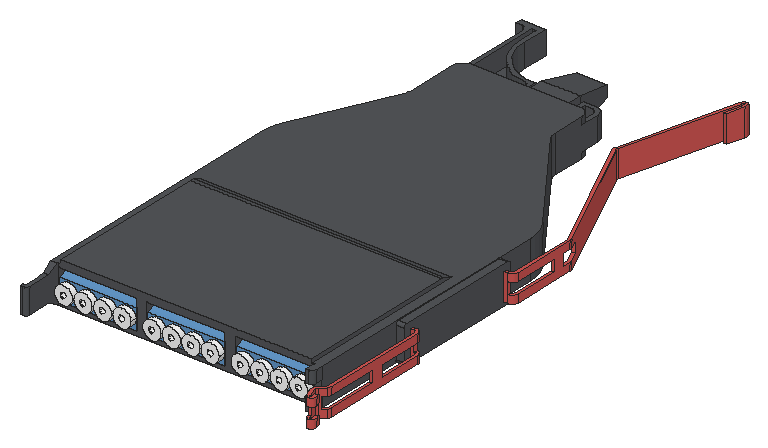
Revit family "Cassettes slim", category Installations électriques, Revit 2020
Family settings
  Conserver l'orientation des annotations = Non
  Cote de connecteur circulaire = Utiliser le diamètre
  Type d'élément = Normal
  Basée sur le plan de construction = Non
  Toujours verticalement = Oui
  Couper avec des vides une fois chargée = Non
  Partagée = Non
  Point de calcul de pièce = Non
Parameters (values of type "Cassette compacte 12 LC MTP OS2 panneau HD Ultra")
  Libellé BIM = "Cassette compacte 12 LC MTP OS2 panneau HD Ultra"
  Profondeur = 194 mm
  Hauteur = 13.6 mm
  Couleur = IDS_NOIR
  Type de connecteur interne = "MTP-M"
  Température de fonctionnement = "-10°C à 60°C"
  Lien e-catalogue = "https://www.legrand.fr/reference/032170/pro"
  Connecteurs LC = Connecteurs LC slim : 12 fibres OS2 monomode
  Elévation par défaut = 0 mm
  EAN = "3414971929159"
  Classe de fibre optique = "OS2"
  Classe ETIM = "EC002699"
  Croisé = yes
  Fonction = "Cassettes haute densité MTP"
  Nombre de connecteurs face arrière = 1
  Nombre de connecteurs face avant = 12
  Température de stockage = "-10°C à 60°C"
  Type de connecteur externe = "LC_DUPLEX"
  Largeur (mm) = 100 mm
  Référence Legrand = "032170"
Types (3, lengths in mm): name | Libellé BIM | Lien e-catalogue | Connecteurs LC | EAN | Classe de fibre optique | Référence Legrand
  Cassette compacte 12 LC MTP OM3 panneau HD Ultra | "Cassette compacte 12 LC MTP OM3 panneau HD Ultra" | "https://www.legrand.fr/reference/032168/pro" | Connecteurs LC slim : 12 fibres OM3 multimode | "3414971929333" | "OM3" | "032168"
  Cassette compacte 12 LC MTP OM4 panneau HD Ultra | "Cassette compacte 12 LC MTP OM4 panneau HD Ultra" | "https://www.legrand.fr/reference/032169/pro" | Connecteurs LC slim : 12 fibres OM4 multimode | "3414971929135" | "OM4" | "032169"
  Cassette compacte 12 LC MTP OS2 panneau HD Ultra | "Cassette compacte 12 LC MTP OS2 panneau HD Ultra" | "https://www.legrand.fr/reference/032170/pro" | Connecteurs LC slim : 12 fibres OS2 monomode | "3414971929159" | "OS2" | "032170"
Reference planes
  plane 1 "Centre (avant/arrière)": y = 0
  plane 2: z = 0
  plane 3 "Centre (gauche/droite)": x = 0
  plane 4: x = 90.5
  plane 5: y = 150
  plane 6: z = 12.4
  plane 7: z = 13.7
  plane 8: z = 2
  plane 9: z = 10.4
  plane 10: z = 6.2
  plane 11: y = 44
  plane 12: y = 64
  plane 13: y = 30.75
  plane 14: y = 74.75
  plane 15: y = 180
  plane 16: z = 2
  plane 17: z = 10
  plane 18: y = 156.8
  plane 19: x = 2.7
  plane 20: z = 1.4
Forms (mm)
  Extrusion 1, solid, material "IDS_NOIR"
    sketch origin (0, 0, 0) x (1, 0, 0) y (0, 1, 0)
      loop
        line (2.2, 0) -> (88.15, 0) -> (88.15, -3.5) -> (89, -3.5)
        arc (89, -3.5) -> (90.061, -3.061) -> (90.5, -2) r 1.5
        line (90.5, -2) -> (90.5, 0) -> (90.5, 87.126)
        arc (90.5, 87.126) -> (89.766, 91.761) -> (87.635, 95.943) r 15
        line (87.635, 95.943) -> (61.252, 132.256)
        arc (61.252, 132.256) -> (60.639, 133.519) -> (60.5, 134.916) r 4
        line (60.5, 134.916) -> (60.5, 146)
        arc (60.5, 146) -> (59.328, 148.828) -> (56.5, 150) r 4
        line (56.5, 150) -> (21, 150)
        arc (21, 150) -> (18.172, 148.828) -> (17, 146) r 4
        line (17, 146) -> (17, 129.343)
        arc (17, 129.343) -> (16.905, 128.478) -> (16.625, 127.653) r 4
        line (16.625, 127.653) -> (1.405, 95.014)
        arc (1.405, 95.014) -> (0.356, 91.921) -> (0, 88.675) r 15
        line (0, 88.675) -> (0, 0) -> (0.95, -7.737) -> (0.95, -11.45) -> (0, -11.45) -> (0, -12.7) -> (0.95, -12.7)
        arc (0.95, -12.7) -> (1.834, -12.334) -> (2.2, -11.45) r 1.25
        line (2.2, -11.45) -> (2.2, 0)
    from 0 to 12.4
  Extrusion 2, solid, material "IDS_NOIR"
    sketch origin (0, 0, 0) x (0, 1, 0) y (0, 0, 1)
      loop
        line (0, 12.4) -> (58.5, 12.4) -> (55.591, 13.459)
        arc (55.591, 13.459) -> (54.918, 13.639) -> (54.223, 13.7) r 4
        line (54.223, 13.7) -> (0, 13.7) -> (0, 12.4)
    from 3.25 to 87.25
  Extrusion 3, void
    sketch origin (0, 0, 0) x (0, 1, 0) y (0, 0, 1)
      loop
        line (0, 0) -> (-3.464, 2) -> (-12.7, 2) -> (-12.7, 0) -> (0, 0)
      loop
        line (0, 12.4) -> (-12.7, 12.4) -> (-12.7, 10.4) -> (-3.464, 10.4) -> (0, 12.4)
    from 0 to 2.2
  Extrusion 4, void
    sketch origin (90.5, -66.44, 1200) x (0, 1, 0) y (0, 0, 1)
      loop
        line (62.94, -1191.6) -> (62.94, -1196) -> (66.44, -1196) -> (66.44, -1191.6) -> (62.94, -1191.6)
    from 0 to -2.35
  Extrusion 5, solid, material "IDS_NOIR"
    sketch origin (0, 44, -3.722) x (0, 0, -1) y (-1, 0, 0)
      loop
        line (-7.122, 0) -> (-7.122, 1.2) -> (-5.522, 1.2) -> (-5.522, 2.5) -> (-8.422, 2.5) -> (-8.422, 0) -> (-7.122, 0)
    from 0 to 20
  Extrusion 6, solid, material "IDS_NOIR"
    sketch origin (90.5, 0, 0) x (0, 1, 0) y (0, 0, 1)
      loop
        line (31.75, 0) -> (73.75, 0)
        arc (73.75, 0) -> (74.457, 0.293) -> (74.75, 1) r 1
        line (74.75, 1) -> (74.75, 11.4)
        arc (74.75, 11.4) -> (74.457, 12.107) -> (73.75, 12.4) r 1
        line (73.75, 12.4) -> (31.75, 12.4)
        arc (31.75, 12.4) -> (31.043, 12.107) -> (30.75, 11.4) r 1
        line (30.75, 11.4) -> (30.75, 1)
        arc (30.75, 1) -> (31.043, 0.293) -> (31.75, 0) r 1
    from 0 to 3
  Extrusion 7, solid, material "IDS_NOIR"
    sketch origin (0, 184.172, 2) x (0, 1, 0) y (-1, 0, 0)
      loop
        line (-4.172, -13.3) -> (-6.45, -13.3) -> (-6.45, -15)
        arc (-6.45, -15) -> (-7.036, -16.414) -> (-8.45, -17) r 2
        line (-8.45, -17) -> (-40.667, -17) -> (-40.667, -18.4) -> (-6.45, -18.4) -> (-6.45, -19.9) -> (-13.172, -19.9)
        arc (-13.172, -19.9) -> (-24.559, -24.498) -> (-29.562, -35.714) r 16.4
        line (-29.562, -35.714) -> (-40.667, -35.714) -> (-40.667, -37.114) -> (-28.172, -37.114) -> (-28.172, -36.3)
        arc (-28.172, -36.3) -> (-23.779, -25.693) -> (-13.172, -21.3) r 15
        line (-13.172, -21.3) -> (-4.172, -21.3) -> (-4.172, -13.3)
      loop
        arc (-31.422, -60.5) -> (-29.124, -59.548) -> (-28.172, -57.25) r 3.25
        line (-28.172, -57.25) -> (-28.172, -53.214) -> (-40.667, -53.214) -> (-40.667, -54.614) -> (-29.572, -54.614) -> (-29.572, -57.25)
        arc (-29.572, -57.25) -> (-30.114, -58.558) -> (-31.422, -59.1) r 1.85
        line (-31.422, -59.1) -> (-40.667, -59.1) -> (-40.667, -60.5) -> (-31.422, -60.5)
    from 0 to 8
  Extrusion 8, solid, material "IDS_NOIR"
    sketch origin (0, 184.172, 2) x (0, 1, 0) y (-1, 0, 0)
      loop
        arc (-35.132, -18.4) -> (-34.42, -19.614) -> (-34.172, -21) r 4
        line (-34.172, -21) -> (-34.172, -35.714) -> (-29.562, -35.714)
        arc (-29.562, -35.714) -> (-24.559, -24.498) -> (-13.172, -19.9) r 16.4
        line (-13.172, -19.9) -> (-6.45, -19.9) -> (-6.45, -18.4) -> (-35.132, -18.4)
      loop
        line (-35.132, -59.1) -> (-31.422, -59.1)
        arc (-31.422, -59.1) -> (-30.114, -58.558) -> (-29.572, -57.25) r 1.85
        line (-29.572, -57.25) -> (-29.572, -54.614) -> (-34.172, -54.614) -> (-34.172, -56.5)
        arc (-34.172, -56.5) -> (-34.42, -57.886) -> (-35.132, -59.1) r 4
    from 0 to 1.5
  Extrusion 9, solid, material "IDS_NOIR"
    sketch origin (0, 0, 0) x (1, 0, 0) y (0, 1, 0)
      loop
        line (38.614, 150) -> (51.614, 150) -> (51.614, 156.8) -> (38.614, 156.8) -> (38.614, 150)
    from 1.5 to 11
  Blend 10, solid, material "IDS_NOIR"
    base sketch origin (49.862, 156.8, 0) x (-1, 0, 0) y (0, 0, 1)
      loop
        line (-1.752, 11) -> (-1.752, 1.5) -> (11.248, 1.5) -> (11.248, 11) -> (-1.752, 11)
    top sketch origin (49.862, 156.8, 0) x (-1, 0, 0) y (0, 0, 1)
      loop
        line (-0.252, 8.25) -> (-0.252, 4.25) -> (9.748, 4.25) -> (9.748, 8.25) -> (-0.252, 8.25)
    from 0 to 12.5
  Extrusion 11, solid, material "IDS_ROUGE"
    sketch origin (0, 0, 0) x (1, 0, 0) y (0, 1, 0)
      loop
        line (93.5, 34) -> (93.5, 33) -> (94.9, 33)
        arc (94.9, 33) -> (95.607, 32.707) -> (95.9, 32) r 1
        line (95.9, 32) -> (95.9, -4.136) -> (93.975, -6.431)
        arc (93.975, -6.431) -> (93.543, -7.338) -> (93.607, -8.342) r 2
        line (93.607, -8.342) -> (94.593, -11.335)
        spline (94.593, -11.335) -> (94.733, -11.646) -> (94.94, -11.925) -> (95.217, -12.16) -> (95.565, -12.326) -> (95.97, -12.391) -> (96.393, -12.325) -> (96.772, -12.127) -> (97.059, -11.834) -> (97.241, -11.493) -> (97.324, -11.14) -> (97.325, -10.792) -> (97.252, -10.46)
        line (97.252, -10.46) -> (96.877, -9.321) -> (95.928, -9.634) -> (96.303, -10.772)
        spline (96.303, -10.772) -> (96.33, -10.9) -> (96.33, -11.028) -> (96.303, -11.147) -> (96.249, -11.248) -> (96.173, -11.326) -> (96.08, -11.375) -> (95.976, -11.391) -> (95.869, -11.373) -> (95.765, -11.324) -> (95.672, -11.245) -> (95.596, -11.142) -> (95.543, -11.023)
        line (95.543, -11.023) -> (94.557, -8.029)
        arc (94.557, -8.029) -> (94.525, -7.527) -> (94.741, -7.073) r 1
        line (94.741, -7.073) -> (96.432, -5.058)
        arc (96.432, -5.058) -> (96.779, -4.456) -> (96.9, -3.772) r 2
        line (96.9, -3.772) -> (96.9, 32)
        arc (96.9, 32) -> (96.314, 33.414) -> (94.9, 34) r 2
        line (94.9, 34) -> (93.5, 34)
      loop
        line (93.5, 72) -> (95, 72)
        arc (95, 72) -> (96.414, 72.586) -> (97, 74) r 2
        line (97, 74) -> (97, 95.556)
        arc (97, 95.556) -> (96.953, 95.989) -> (96.812, 96.402) r 2
        line (96.812, 96.402) -> (76.231, 140.504)
        arc (76.231, 140.504) -> (76.096, 141.008) -> (76.142, 141.528) r 1.5
        line (76.142, 141.528) -> (86.5, 180)
        spline (86.5, 180) -> (86.567, 180.196) -> (86.656, 180.372) -> (86.76, 180.516) -> (86.873, 180.617) -> (86.987, 180.669) -> (87.094, 180.669) -> (87.187, 180.615) -> (87.259, 180.513) -> (87.306, 180.369) -> (87.325, 180.192) -> (87.313, 179.996) -> (87.272, 179.792)
        line (87.272, 179.792) -> (85.713, 173.998) -> (86.678, 173.738) -> (88.238, 179.532)
        spline (88.238, 179.532) -> (88.305, 179.866) -> (88.325, 180.21) -> (88.286, 180.568) -> (88.16, 180.949) -> (87.872, 181.344) -> (87.354, 181.634) -> (86.761, 181.643) -> (86.313, 181.446) -> (86.013, 181.18) -> (85.8, 180.89) -> (85.644, 180.582) -> (85.534, 180.26)
        line (85.534, 180.26) -> (75.177, 141.788)
        arc (75.177, 141.788) -> (75.1, 140.922) -> (75.325, 140.081) r 2.5
        line (75.325, 140.081) -> (96, 95.778) -> (96, 74)
        arc (96, 74) -> (95.707, 73.293) -> (95, 73) r 1
        line (95, 73) -> (93.5, 73) -> (93.5, 72)
    from 1.4 to 10.4
  Extrusion 12, void
    sketch origin (0, 0, 0) x (1, 0, 0) y (0, 1, 0)
      loop
        line (96.877, -9.321) -> (94.218, -10.197) -> (94.593, -11.335)
        spline (94.593, -11.335) -> (94.733, -11.646) -> (94.94, -11.925) -> (95.217, -12.16) -> (95.565, -12.326) -> (95.97, -12.391) -> (96.393, -12.325) -> (96.772, -12.127) -> (97.059, -11.834) -> (97.241, -11.493) -> (97.324, -11.14) -> (97.325, -10.792) -> (97.252, -10.46)
        line (97.252, -10.46) -> (96.877, -9.321)
      loop
        arc (94.9, 33) -> (95.607, 32.707) -> (95.9, 32) r 1
        line (95.9, 32) -> (95.9, 17) -> (96.9, 17) -> (96.9, 32)
        arc (96.9, 32) -> (96.314, 33.414) -> (94.9, 34) r 2
        line (94.9, 34) -> (94.9, 33)
      loop
        line (95.386, -6.304) -> (96.432, -5.058)
        arc (96.432, -5.058) -> (96.779, -4.456) -> (96.9, -3.772) r 2
        line (96.9, -3.772) -> (96.9, 13.3) -> (95.9, 13.3) -> (95.9, -4.136) -> (94.676, -5.595) -> (95.386, -6.304)
      loop
        line (95, 73) -> (95, 72)
        arc (95, 72) -> (96.414, 72.586) -> (97, 74) r 2
        line (97, 74) -> (97, 89) -> (96, 89) -> (96, 74)
        arc (96, 74) -> (95.707, 73.293) -> (95, 73) r 1
      loop
        line (96, 92.7) -> (97, 92.7) -> (97, 95.556)
        arc (97, 95.556) -> (96.953, 95.989) -> (96.812, 96.402) r 2
        line (96.812, 96.402) -> (94.807, 100.7) -> (93.9, 100.277) -> (96, 95.778) -> (96, 92.7)
    from 3.9 to 7.9
  Extrusion 13, void
    sketch origin (0, 0, 0) x (1, 0, 0) y (0, 0, 1)
      loop
        line (2.7, 1.4) -> (28.7, 1.4) -> (28.7, 11.4) -> (2.7, 11.4) -> (2.7, 1.4)
      loop
        line (32.2, 1.4) -> (58.2, 1.4) -> (58.2, 11.4) -> (32.2, 11.4) -> (32.2, 1.4)
      loop
        line (61.7, 1.4) -> (87.7, 1.4) -> (87.7, 11.4) -> (61.7, 11.4) -> (61.7, 1.4)
    from 0 to -23
Cuts and joins
  Extrusion 3, Extrusion 4, Extrusion 13 cuts Extrusion 1
  Extrusion 3, Extrusion 4, Extrusion 13 cuts Extrusion 2
  Extrusion 13 cuts Extrusion 5
  Extrusion 13 cuts Extrusion 7
  Extrusion 13 cuts Extrusion 8
  joined: Extrusion 1, Extrusion 2, Extrusion 5, Extrusion 7, Extrusion 8
  joined: Extrusion 9, Blend 10
  Extrusion 12 cuts Extrusion 11
Dimensions and locks
  plane 3 "Centre (gauche/droite)" to Extrusion 1 sketch curve to Extrusion 1 sketch curve = 17 mm locked, 43.5 mm locked
  locked: plane 6 to level at 12.4
  locked: Extrusion 2 sketch curve to plane 1 "Centre (avant/arrière)" at 58.5
  locked: plane 4 to Extrusion 2 at 3.25
  locked: Extrusion 2 to plane 3 "Centre (gauche/droite)" at 3.25
  Extrusion 1 sketch curve to Extrusion 1 sketch curve = 12.7 mm
  plane 8 to level = 2 mm
  cut or joined group 1 (Extrusion 1, Extrusion 2, Extrusion 3, Extrusion 4, Extrusion 5, Extrusion 7, Extrusion 8, Extrusion 13) to plane 9 = 2 mm
  equal spacing: plane 8, plane 10, plane 9
  cut or joined group 1 to Extrusion 4 sketch curve = 4 mm
  Extrusion 4 sketch curve to cut or joined group 1 = 4 mm
  Extrusion 5 sketch curve to level = 1.8 mm
  Extrusion 5 sketch curve to Extrusion 5 sketch curve = 2.9 mm
  plane 3 "Centre (gauche/droite)" to Extrusion 5 sketch curve = 2.5 mm
  Extrusion 5 sketch curve to Extrusion 5 sketch curve = 1.3 mm  (x2)
  plane 12 to plane 11 to plane 1 "Centre (avant/arrière)" = 20 mm locked, 44 mm locked
  plane 1 "Centre (avant/arrière)" to plane 13 to plane 14 = 30.75 mm locked, 44 mm locked
  plane 3 "Centre (gauche/droite)" to Extrusion 7 sketch curve = 13.3 mm
  Extrusion 7 sketch curve to plane 5 = 6 mm
  Extrusion 7 sketch curve to Extrusion 7 sketch curve = 8 mm
  plane 17 to plane 16 to level = 8 mm locked, 2 mm locked
  Extrusion 9 sketch curve to Extrusion 9 sketch curve = 13 mm
  Extrusion 9 sketch curve to plane 5 = 6.8 mm
  plane 18 to plane 5 = 6.8 mm
  Blend 10 sketch curve to Blend 10 sketch curve = 10 mm
  Blend 10 sketch curve to Blend 10 sketch curve = 4 mm
  plane 1 "Centre (avant/arrière)" to Extrusion 11 sketch curve = 72 mm
  plane 4 to Extrusion 11 sketch curve = 6.5 mm
  Extrusion 11 to Extrusion 12 sketch curve = 17 mm
  Extrusion 12 sketch curve to Extrusion 12 sketch curve = 3.7 mm  (x2)
  cut or joined group of Extrusion 11, Extrusion 12 to cut or joined group of Extrusion 11, Extrusion 12 = 2.5 mm
  cut or joined group of Extrusion 11, Extrusion 12 to Extrusion 12 sketch curve = 17 mm
  Extrusion 12 sketch curve to Extrusion 12 sketch curve = 8 mm
  Extrusion 13 sketch curve to level = 1.4 mm
  Extrusion 13 sketch curve to Extrusion 13 sketch curve = 10 mm
  Extrusion 13 sketch curve to cut or joined group 1 = 26.5 mm
  Extrusion 13 sketch curve to Extrusion 13 sketch curve = 3.5 mm
  Extrusion 13 sketch curve to Extrusion 13 sketch curve = 26 mm
  Extrusion 13 sketch curve to Extrusion 13 sketch curve to Extrusion 13 sketch curve = 3.5 mm, 26 mm
  angle Extrusion 1 sketch curve to Extrusion 1 sketch curve = 155.00°
  angle Extrusion 1 sketch curve to Extrusion 1 sketch curve = 144.00°
  locked: Extrusion 1 to Extrusion 2 sketch curve (angle 20.00°)
  angle plane 3 "Centre (gauche/droite)" to Extrusion 1 sketch curve = 7.00°
  angle cut or joined group 1 to Extrusion 3 sketch curve = 30.00°
  angle Extrusion 3 sketch curve to cut or joined group 1 = 30.00°
  angle Extrusion 11 sketch curve to Extrusion 11 sketch curve = 40.00°
  aligned and locked: level to plane 2
  aligned and locked: plane 1 "Centre (avant/arrière)" to Extrusion 1 sketch curve
  aligned and locked: Extrusion 1 sketch curve to plane 4
  aligned and locked: plane 3 "Centre (gauche/droite)" to Extrusion 1 sketch curve  (x2)
  aligned and locked: Extrusion 1 sketch curve to plane 5
  aligned and locked: plane 6 to Extrusion 1
  aligned and locked: Extrusion 1 to Extrusion 2 sketch curve
  aligned and locked: Extrusion 2 sketch curve to plane 7
  aligned and locked: Extrusion 2 sketch curve to plane 6
  aligned and locked: cut or joined group 1 to Extrusion 3 sketch curve  (x2)
  aligned and locked: Extrusion 3 sketch curve to cut or joined group 1
  aligned and locked: Extrusion 3 to Extrusion 1
  aligned and locked: plane 1 "Centre (avant/arrière)" to Extrusion 4 sketch curve
  aligned and locked: Extrusion 4 sketch curve to cut or joined group 1
  aligned and locked: Extrusion 1 to Extrusion 4
  aligned and locked: Extrusion 5 sketch curve to plane 3 "Centre (gauche/droite)"
  aligned and locked: plane 12 to Extrusion 5
  aligned and locked: Extrusion 6 sketch curve to level
  aligned and locked: Extrusion 6 sketch curve to plane 13
  aligned and locked: Extrusion 6 sketch curve to plane 6
  aligned and locked: Extrusion 6 sketch curve to plane 14
  aligned and locked: Extrusion 7 sketch curve to plane 15
  aligned and locked: Extrusion 7 sketch curve to cut or joined group 1
  aligned and locked: Extrusion 7 sketch curve to Extrusion 7 sketch curve  (x6)
  aligned and locked: Extrusion 7 to plane 17
  aligned and locked: Extrusion 8 sketch curve to cut or joined group 1  (x10)
  aligned and locked: cut or joined group 1 to Extrusion 8 sketch curve
  aligned and locked: Extrusion 9 sketch curve to plane 5
  aligned and locked: Blend 10 sketch curve to Extrusion 9  (x4)
  aligned and locked: Blend 10 to Extrusion 9
  aligned and locked: Extrusion 6 to Extrusion 11 sketch curve  (x2)
  aligned and locked: Extrusion 11 sketch curve to Extrusion 6
  aligned and locked: Extrusion 12 sketch curve to Extrusion 11  (x7)
  aligned and locked: Extrusion 11 to Extrusion 12 sketch curve  (x3)
  aligned and locked: Extrusion 12 sketch curve to cut or joined group of Extrusion 11, Extrusion 12  (x2)
  aligned and locked: Extrusion 13 sketch curve to Extrusion 13 sketch curve  (x4)
  aligned and locked: plane 19 to cut or joined group 1
  aligned and locked: plane 20 to cut or joined group 1
  aligned and locked: plane 19 to nested 1
  aligned and locked: plane 1 "Centre (avant/arrière)" to nested 1
Automatic sketch dimensions
  Extrusion 2 sketch curve to Extrusion 2 sketch curve = 1.368 mm
  plane 1 "Centre (avant/arrière)" to Extrusion 1 sketch curve = 0 mm  (x2)
  plane 3 "Centre (gauche/droite)" to Extrusion 1 sketch curve = 0.95 mm  (x2)
  plane 3 "Centre (gauche/droite)" to Extrusion 1 sketch curve = 1.405 mm
  plane 3 "Centre (gauche/droite)" to Extrusion 1 sketch curve = 2.2 mm
  Extrusion 1 sketch curve to Extrusion 1 sketch curve = 4 mm  (x3)
  Extrusion 1 sketch curve to plane 5 = 17.744 mm
  Extrusion 1 sketch curve to Extrusion 1 sketch curve = 0.752 mm
  Extrusion 1 sketch curve to Extrusion 1 sketch curve = 3.236 mm
  Extrusion 1 sketch curve to Extrusion 1 sketch curve = 15 mm
  plane 4 to Extrusion 1 sketch curve = 2.35 mm
  Extrusion 1 sketch curve to Extrusion 1 sketch curve = 1.5 mm
  Extrusion 1 sketch curve to Extrusion 1 sketch curve = 0 mm
  Extrusion 1 sketch curve to Extrusion 1 sketch curve = 3.5 mm
  Extrusion 1 sketch curve to Extrusion 1 sketch curve = 57.325 mm
  Extrusion 3 sketch curve to plane 6 = 0 mm
  Extrusion 3 sketch curve to plane 9 = 0 mm
  Extrusion 3 sketch curve to plane 8 = 0 mm
  Extrusion 3 sketch curve to plane 1 "Centre (avant/arrière)" = 0 mm  (x2)
  Extrusion 3 sketch curve to Extrusion 3 sketch curve = 0 mm
  Extrusion 6 sketch curve to Extrusion 6 sketch curve = 1 mm  (x2)
  Extrusion 1 to Extrusion 6 sketch curve = 1 mm  (x2)
  Extrusion 7 sketch curve to Extrusion 7 sketch curve = 0 mm  (x4)
  Extrusion 7 sketch curve to Extrusion 7 sketch curve = 1.39 mm
  Extrusion 7 sketch curve to Extrusion 7 sketch curve = 1.4 mm  (x4)
  Extrusion 7 sketch curve to Extrusion 7 sketch curve = 1.85 mm
  Extrusion 7 sketch curve to plane 5 = 6.495 mm
  Extrusion 7 sketch curve to plane 15 = 9 mm
  Extrusion 7 sketch curve to plane 15 = 4.278 mm
  Extrusion 7 sketch curve to plane 15 = 2.278 mm
  Extrusion 7 sketch curve to Extrusion 7 sketch curve = 0.814 mm
  Extrusion 7 sketch curve to Extrusion 7 sketch curve = 16.1 mm
  Extrusion 7 sketch curve to Extrusion 7 sketch curve = 2.636 mm
  plane 3 "Centre (gauche/droite)" to Extrusion 9 sketch curve = 38.614 mm
  Extrusion 11 sketch curve to Extrusion 11 sketch curve = 0 mm  (x8)
  plane 15 to Extrusion 11 sketch curve = 0 mm
  Extrusion 11 sketch curve to plane 15 = 0.468 mm
  plane 4 to Extrusion 11 sketch curve = 2.262 mm
  Extrusion 11 sketch curve to plane 15 = 0.208 mm
  Extrusion 11 sketch curve to Extrusion 11 sketch curve = 0.966 mm
  plane 4 to Extrusion 11 sketch curve = 3.822 mm
  plane 15 to Extrusion 11 sketch curve = 0.26 mm
  plane 4 to Extrusion 11 sketch curve = 12.909 mm
  Extrusion 11 sketch curve to plane 5 = 9.496 mm
  Extrusion 11 sketch curve to Extrusion 11 sketch curve = 1.359 mm
  Extrusion 11 sketch curve to plane 5 = 9.919 mm
  Extrusion 11 sketch curve to plane 5 = 8.212 mm
  Extrusion 11 sketch curve to plane 4 = 3.107 mm
  Extrusion 11 sketch curve to Extrusion 11 sketch curve = 0.368 mm
  Extrusion 11 sketch curve to Extrusion 11 sketch curve = 0.95 mm  (x4)
  Extrusion 11 sketch curve to Extrusion 11 sketch curve = 0.986 mm
  Extrusion 11 sketch curve to Extrusion 11 sketch curve = 0.184 mm
  Extrusion 11 sketch curve to Extrusion 11 sketch curve = 1.4 mm
  Extrusion 11 sketch curve to Extrusion 11 sketch curve = 0.925 mm
  Extrusion 11 sketch curve to Extrusion 11 sketch curve = 1.5 mm
  Extrusion 11 sketch curve to Extrusion 11 sketch curve = 2 mm
  Extrusion 11 sketch curve to Extrusion 11 sketch curve = 1 mm  (x2)
  Extrusion 11 sketch curve to Extrusion 11 sketch curve = 0.385 mm
  Extrusion 11 sketch curve to Extrusion 11 sketch curve = 0.76 mm
  Extrusion 11 sketch curve to Extrusion 11 sketch curve = 0.532 mm
  plane 13 to Extrusion 11 sketch curve = 3.25 mm
  plane 1 "Centre (avant/arrière)" to Extrusion 11 sketch curve = 3.772 mm
  Extrusion 11 sketch curve to Extrusion 11 sketch curve = 0.922 mm
  Extrusion 11 sketch curve to Extrusion 11 sketch curve = 0.222 mm
  Extrusion 12 sketch curve to Extrusion 12 sketch curve = 0.375 mm
  Extrusion 12 sketch curve to Extrusion 12 sketch curve = 0.224 mm
  Extrusion 12 sketch curve to Extrusion 12 sketch curve = 1 mm  (x2)
  Extrusion 12 sketch curve to Extrusion 12 sketch curve = 0.71 mm
  plane 1 "Centre (avant/arrière)" to Extrusion 12 sketch curve = 5.058 mm
  Extrusion 12 sketch curve to Extrusion 12 sketch curve = 0.188 mm
  Extrusion 12 sketch curve to Extrusion 12 sketch curve = 2.856 mm
  Extrusion 12 sketch curve to Extrusion 12 sketch curve = 0.222 mm
  Extrusion 12 sketch curve to Extrusion 12 sketch curve = 0.906 mm
  Extrusion 12 sketch curve to plane 4 = 3.4 mm
  Extrusion 12 sketch curve to plane 4 = 4.5 mm
  plane 3 "Centre (gauche/droite)" to Extrusion 13 sketch curve = 2.7 mm
Nested families
  nested 1: "Connecteurs LC slim" at (2.7, 0, 1.4), type <- "Connecteurs LC", type "12 fibres OS2 monomode"
Definition of nested family "Connecteurs LC slim"
  Parameters (values of type "12 fibres OS2 monomode")
    IDS_COULEUR = none
    Default Elevation = 0 mm
  Types (3): name
    12 fibres OM4 multimode
    12 fibres OS2 monomode
    12 fibres OM3 multimode
  Reference planes
    plane 1 "Centre (avant/arrière)": y = 0
    plane 2: z = 0
    plane 3 "Centre (gauche/droite)": x = 0
    plane 4: z = 10
    plane 5: x = 85
    plane 6: y = 23
    plane 7: x = 26
    plane 8: x = 29.5
    plane 9: x = 55.5
    plane 10: x = 59
    plane 11: z = 9.5
    plane 12: x = 13
    plane 13: x = 6.5
    plane 14: x = 3.25
    plane 15: x = 9.75
    plane 16: x = 22.75
    plane 17: x = 16.25
    plane 18: y = 3
    plane 19: z = 3.5
    plane 20: x = 42.5
    plane 21: x = 36
    plane 22: x = 32.75
    plane 23: x = 39.25
    plane 24: x = 52.25
    plane 25: x = 45.75
    plane 26: z = 3.5
    plane 27: x = 72
    plane 28: x = 65.5
    plane 29: x = 62.25
    plane 30: x = 68.75
    plane 31: x = 81.75
    plane 32: x = 75.25
    plane 33: z = 3.5
  Forms (mm)
    Extrusion 1, solid, material <- "IDS_COULEUR"
      sketch origin (0, 0, 0) x (0, 1, 0) y (0, 0, 1)
        loop
          line (0, 0) -> (23, 0) -> (23, 10) -> (3, 10)
          arc (3, 10) -> (2.121, 7.879) -> (0, 7) r 3
          line (0, 7) -> (0, 0)
      from 0 to 26
    Extrusion 2, solid
      sketch origin (0, 0, 0) x (1, 0, 0) y (0, 0, 1)
        loop
          circle (3.25, 3.5) r 3
        loop
          circle (9.75, 3.5) r 3
        loop
          circle (16.25, 3.5) r 3
        loop
          circle (22.75, 3.5) r 3
        loop
          circle (3.25, 3.5) r 1
        loop
          circle (9.75, 3.5) r 1
        loop
          circle (16.25, 3.5) r 1
        loop
          circle (22.75, 3.5) r 1
      from 0 to 2
    Extrusion 3, solid, material <- "IDS_COULEUR"
      sketch origin (29.5, 0, 0) x (0, 1, 0) y (0, 0, 1)
        loop
          line (0, 0) -> (23, 0) -> (23, 10) -> (3, 10)
          arc (3, 10) -> (2.121, 7.879) -> (0, 7) r 3
          line (0, 7) -> (0, 0)
      from 0 to 26
    Extrusion 4, solid, material <- "IDS_COULEUR"
      sketch origin (59, 0, 0) x (0, 1, 0) y (0, 0, 1)
        loop
          line (0, 0) -> (23, 0) -> (23, 10) -> (3, 10)
          arc (3, 10) -> (2.121, 7.879) -> (0, 7) r 3
          line (0, 7) -> (0, 0)
      from 0 to 26
    Extrusion 5, solid
      sketch origin (29.5, 0, 0) x (1, 0, 0) y (0, 0, 1)
        loop
          circle (3.25, 3.5) r 3
        loop
          circle (9.75, 3.5) r 3
        loop
          circle (16.25, 3.5) r 3
        loop
          circle (22.75, 3.5) r 3
        loop
          circle (3.25, 3.5) r 1
        loop
          circle (9.75, 3.5) r 1
        loop
          circle (16.25, 3.5) r 1
        loop
          circle (22.75, 3.5) r 1
      from 0 to 2
    Extrusion 6, solid
      sketch origin (59, 0, 0) x (1, 0, 0) y (0, 0, 1)
        loop
          circle (3.25, 3.5) r 3
        loop
          circle (9.75, 3.5) r 3
        loop
          circle (16.25, 3.5) r 3
        loop
          circle (22.75, 3.5) r 3
        loop
          circle (3.25, 3.5) r 1
        loop
          circle (9.75, 3.5) r 1
        loop
          circle (16.25, 3.5) r 1
        loop
          circle (22.75, 3.5) r 1
      from 0 to 2
  Dimensions and locks
    locked: plane 5 to plane 3 "Centre (gauche/droite)" at 85
    plane 4 to plane 2 = 10 mm
    plane 6 to plane 1 "Centre (avant/arrière)" = 23 mm
    locked: plane 8 to plane 7 at 3.5
    locked: plane 7 to plane 3 "Centre (gauche/droite)" at 26
    locked: plane 8 to plane 9 at 26
    locked: plane 10 to plane 9 at 3.5
    plane 5 to plane 10 = 26 mm
    equal spacing: plane 3 "Centre (gauche/droite)", plane 12, plane 7
    equal spacing: Extrusion 1, plane 13, plane 12
    equal spacing: plane 3 "Centre (gauche/droite)", plane 14, plane 13
    equal spacing: plane 12, plane 15, plane 13
    plane 19 to level = 3.5 mm
    plane 21 to plane 20 = 6.5 mm
    plane 22 to plane 21 = 3.25 mm
    equal spacing: plane 20, plane 23, plane 21
    plane 28 to plane 27 = 6.5 mm
    plane 29 to plane 28 = 3.25 mm
    equal spacing: plane 27, plane 30, plane 28
    aligned and locked: level to plane 2
    aligned and locked: plane 7 to Extrusion 1
    aligned and locked: plane 6 to Extrusion 1 sketch curve
    aligned and locked: plane 6 to Extrusion 4 sketch curve
